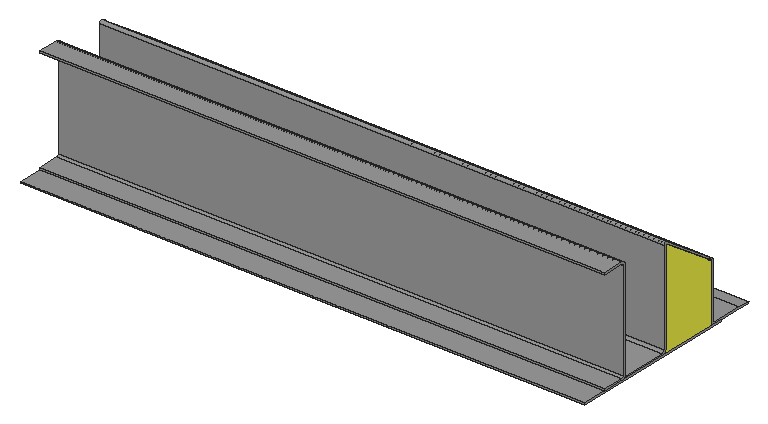
Revit family "HDK 130 215 WIL", category Generic Models, Revit 2014
Parameters (values of type "Max lintel length 2100mm")
  URL = "http://www.keystonelintels.co.uk"
  Structural Opening [instance] = 900 mm
  Structural Performance = "The Keystone lintel range has safe working loads as detailed in each applicable loading table in the Keystone Lintel Guide brochure. The structural performance figures within each table have been ascertained by testing in accordance with the requirements of standards BS EN 5977-2: 1983 and BS EN 845-2: 2003."
  RIBA Productor Selector = "available for Keystone Lintels Ltd from Keystone Lintels Ltd from ribaproductselector.com"
  Model = "HD/K 130 215 WIL"
  Min Length = 600 mm
  Min Clear Span = 300 mm
  Max Length = 2100 mm
  Max Clear Span = 2100 mm
  Material - Stainless Steel = "Grade 304 2b 1.4307 to BS EN 10088-2. Other grades available on request: contact manufacturer."
  Material - Galvanised Steel = "To BS EN 10346: 2009. DX51D plus Z600 or grade Z275 to BS 5977-2: 1983 (BS EN 845-2: 2003)."
  Manufacturer = "Keystone"
  Manufactured Length [instance] = (roundup(Effective Length / 150 mm) * 150 mm)  # 1200 mm
  Lintel height [instance] = 2100 mm
  Keynote = "F30/755"
  Fire Performance = "Keystone lintels have been subjected to a fire test (WARRES No. 101263) in accordance with BS 476-20: 1987, at Exova Warrington Fire and achieved a one hour fire performance."
  End Bearing = 150 mm
  Effective Length [instance] = Clear Opening with MIN MAX set + End Bearing * 2  # 1200 mm
  Corrosion = "Keystone’s standard range of lintels are manufactured from high quality grade pre-galvanized carbon steel with a zinc coating of 600"
  Contact Tel = "+44 (0)28 8676 2184"
  Contact Email = "info@keystonelintels.co.uk"
  Clear Opening with MIN MAX set [instance] = if(Structural Opening < Min Clear Span, Min Clear Span, (if(Structural Opening > Max Clear Span, Max Clear Span, Structural Opening)))  # 900 mm
  CPD Information = "Available for Keystone Lintels Ltd from ribacpd.com"
Reference planes
  plane 1 "Center (Front/Back)": y = 0
  plane 2: z = 0
  plane 3 "Center (Left/Right)": x = 0
  plane 4: x = -600
  plane 5: x = 600
  plane 6: z = 2100
  plane 7: x = -450
  plane 8: x = 450
Forms (mm)
  Extrusion 1, solid, material "Steel"
    sketch origin (0, 658.339, -499.341) x (0, 1, 0) y (0, 0, 1)
      loop
        line (-500.595, 2598.492) -> (-500.486, 2601.69) -> (-525.486, 2602.541) -> (-590.486, 2602.541)
        arc (-590.486, 2602.541) -> (-594.022, 2604.006) -> (-595.486, 2607.541) r 5
        line (-595.486, 2607.541) -> (-595.486, 2723.833)
        arc (-595.486, 2723.833) -> (-596.074, 2726.234) -> (-597.704, 2728.092) r 5.2
        line (-597.704, 2728.092) -> (-715.304, 2810.437)
        arc (-715.304, 2810.437) -> (-720.687, 2810.789) -> (-723.486, 2806.177) r 5.2
        line (-723.486, 2806.177) -> (-723.486, 2607.541)
        arc (-723.486, 2607.541) -> (-724.951, 2604.006) -> (-728.486, 2602.541) r 5
        line (-728.486, 2602.541) -> (-823.486, 2602.541) -> (-823.486, 2599.341) -> (-728.486, 2599.341)
        arc (-728.486, 2599.341) -> (-722.688, 2601.743) -> (-720.286, 2607.541) r 8.2
        line (-720.286, 2607.541) -> (-720.286, 2806.177)
        arc (-720.286, 2806.177) -> (-719.21, 2807.951) -> (-717.139, 2807.815) r 2
        line (-717.139, 2807.815) -> (-599.539, 2725.471)
        arc (-599.539, 2725.471) -> (-598.912, 2724.756) -> (-598.686, 2723.833) r 2
        line (-598.686, 2723.833) -> (-598.686, 2607.541)
        arc (-598.686, 2607.541) -> (-596.284, 2601.743) -> (-590.486, 2599.341) r 8.2
        line (-590.486, 2599.341) -> (-525.541, 2599.341) -> (-500.595, 2598.492)
    from -600 to 600
  Extrusion 2, solid, material "Steel"
    sketch origin (0, 658.339, -499.341) x (0, 1, 0) y (0, 0, 1)
      loop
        line (-836.386, 2824.341) -> (-881.686, 2824.341) -> (-881.686, 2821.141) -> (-836.386, 2821.141)
        arc (-836.386, 2821.141) -> (-833.063, 2819.764) -> (-831.686, 2816.441) r 4.7
        line (-831.686, 2816.441) -> (-831.686, 2606.341)
        arc (-831.686, 2606.341) -> (-832.799, 2603.654) -> (-835.486, 2602.541) r 3.8
        line (-835.486, 2602.541) -> (-881.686, 2602.541) -> (-881.686, 2599.341) -> (-835.486, 2599.341)
        arc (-835.486, 2599.341) -> (-830.536, 2601.391) -> (-828.486, 2606.341) r 7
        line (-828.486, 2606.341) -> (-828.486, 2816.441)
        arc (-828.486, 2816.441) -> (-830.8, 2822.027) -> (-836.386, 2824.341) r 7.9
    from -600 to 600
  Extrusion 3, solid, material "Steel"
    sketch origin (0, 658.139, -499.341) x (0, 1, 0) y (0, 0, 1)
      loop
        line (-933.486, 2596.141) -> (-573.486, 2596.141) -> (-573.486, 2599.341) -> (-933.486, 2599.341) -> (-933.486, 2596.141)
    from -600 to 600
  Extrusion 4, solid, material "Insulation"
    sketch origin (0, 658.339, -499.341) x (0, 1, 0) y (0, 0, 1)
      loop
        arc (-590.486, 2599.341) -> (-596.284, 2601.743) -> (-598.686, 2607.541) r 8.2
        line (-598.686, 2607.541) -> (-598.686, 2723.833)
        arc (-598.686, 2723.833) -> (-598.912, 2724.756) -> (-599.539, 2725.471) r 2
        line (-599.539, 2725.471) -> (-717.139, 2807.815)
        arc (-717.139, 2807.815) -> (-719.21, 2807.951) -> (-720.286, 2806.177) r 2
        line (-720.286, 2806.177) -> (-720.286, 2607.541)
        arc (-720.286, 2607.541) -> (-722.688, 2601.743) -> (-728.486, 2599.341) r 8.2
        line (-728.486, 2599.341) -> (-590.486, 2599.341)
    from -600 to 600
  Extrusion 5, solid, not visible
    sketch origin (0, 930.522, 1237.613) x (0, 1, 0) y (0, 0, 1)
      loop
        line (-500.595, 998.492) -> (-500.486, 1001.69) -> (-525.486, 1002.541) -> (-590.486, 1002.541)
        arc (-590.486, 1002.541) -> (-594.022, 1004.006) -> (-595.486, 1007.541) r 5
        line (-595.486, 1007.541) -> (-595.486, 1123.833)
        arc (-595.486, 1123.833) -> (-596.074, 1126.234) -> (-597.704, 1128.092) r 5.2
        line (-597.704, 1128.092) -> (-715.304, 1210.437)
        arc (-715.304, 1210.437) -> (-720.687, 1210.789) -> (-723.486, 1206.177) r 5.2
        line (-723.486, 1206.177) -> (-723.486, 1007.541)
        arc (-723.486, 1007.541) -> (-724.951, 1004.006) -> (-728.486, 1002.541) r 5
        line (-728.486, 1002.541) -> (-823.486, 1002.541) -> (-823.486, 999.341) -> (-728.486, 999.341)
        arc (-728.486, 999.341) -> (-722.688, 1001.743) -> (-720.286, 1007.541) r 8.2
        line (-720.286, 1007.541) -> (-720.286, 1206.177)
        arc (-720.286, 1206.177) -> (-719.21, 1207.951) -> (-717.139, 1207.815) r 2
        line (-717.139, 1207.815) -> (-599.539, 1125.471)
        arc (-599.539, 1125.471) -> (-598.912, 1124.756) -> (-598.686, 1123.833) r 2
        line (-598.686, 1123.833) -> (-598.686, 1007.541)
        arc (-598.686, 1007.541) -> (-596.284, 1001.743) -> (-590.486, 999.341) r 8.2
        line (-590.486, 999.341) -> (-525.541, 999.341) -> (-500.595, 998.492)
    from 0 to 250
  Extrusion 6, solid, not visible
    sketch origin (0, 675.047, 1296.708) x (0, 1, 0) y (0, 0, 1)
      loop
        line (-836.386, 1224.341) -> (-881.686, 1224.341) -> (-881.686, 1221.141) -> (-836.386, 1221.141)
        arc (-836.386, 1221.141) -> (-833.063, 1219.764) -> (-831.686, 1216.441) r 4.7
        line (-831.686, 1216.441) -> (-831.686, 1006.341)
        arc (-831.686, 1006.341) -> (-832.799, 1003.654) -> (-835.486, 1002.541) r 3.8
        line (-835.486, 1002.541) -> (-881.686, 1002.541) -> (-881.686, 999.341) -> (-835.486, 999.341)
        arc (-835.486, 999.341) -> (-830.536, 1001.391) -> (-828.486, 1006.341) r 7
        line (-828.486, 1006.341) -> (-828.486, 1216.441)
        arc (-828.486, 1216.441) -> (-830.8, 1222.027) -> (-836.386, 1224.341) r 7.9
    from 0 to 250
  Extrusion 7, solid, not visible
    sketch origin (0, 1166.933, 987.888) x (0, 1, 0) y (0, 0, 1)
      loop
        line (-933.486, 996.141) -> (-573.486, 996.141) -> (-573.486, 999.341) -> (-933.486, 999.341) -> (-933.486, 996.141)
    from 0 to 250
  Extrusion 8, solid, not visible
    sketch origin (0, 484.31, 866.057) x (0, 1, 0) y (0, 0, 1)
      loop
        arc (-590.486, 999.341) -> (-596.284, 1001.743) -> (-598.686, 1007.541) r 8.2
        line (-598.686, 1007.541) -> (-598.686, 1123.833)
        arc (-598.686, 1123.833) -> (-598.912, 1124.756) -> (-599.539, 1125.471) r 2
        line (-599.539, 1125.471) -> (-717.139, 1207.815)
        arc (-717.139, 1207.815) -> (-719.21, 1207.951) -> (-720.286, 1206.177) r 2
        line (-720.286, 1206.177) -> (-720.286, 1007.541)
        arc (-720.286, 1007.541) -> (-722.688, 1001.743) -> (-728.486, 999.341) r 8.2
        line (-728.486, 999.341) -> (-590.486, 999.341)
    from 0 to 250
Lines and regions (mm)
  model lines
    curve 1: line (0, -165.147, 2100) -> (0, -177.147, 2100)
Dimensions and locks
  equal spacing: plane 4, plane 3 "Center (Left/Right)", plane 5
  "Manufactured Length": plane 4 to plane 5
  "Lintel height": plane 6 to level
  "Structural Opening": plane 7 to plane 8
  equal spacing: plane 7, plane 3 "Center (Left/Right)", plane 8
  aligned and locked: level to plane 2
  aligned and locked: Extrusion 1 to plane 6
  aligned and locked: Extrusion 4 to plane 6
  aligned and locked: Extrusion 2 to plane 6
  aligned and locked: plane 6 to Extrusion 3
  aligned and locked: plane 5 to Extrusion 3
  aligned and locked: Extrusion 3 to plane 4
  aligned and locked: plane 5 to Extrusion 2
  aligned and locked: Extrusion 2 to plane 4
  aligned and locked: plane 5 to Extrusion 1
  aligned and locked: Extrusion 1 to plane 4
  aligned and locked: plane 5 to Extrusion 4
  aligned and locked: Extrusion 4 to plane 4
Automatic sketch dimensions
  Extrusion 1 sketch curve to Extrusion 1 sketch curve = 64.946 mm
  Extrusion 1 sketch curve to Extrusion 1 sketch curve = 24.946 mm
  Extrusion 1 sketch curve to Extrusion 1 sketch curve = 0.849 mm
  Extrusion 1 sketch curve to Extrusion 1 sketch curve = 0.109 mm
  Extrusion 1 sketch curve to Extrusion 1 sketch curve = 0.054 mm
  Extrusion 1 sketch curve to Extrusion 1 sketch curve = 5 mm  (x2)
  Extrusion 1 sketch curve to Extrusion 1 sketch curve = 0 mm  (x17)
  Extrusion 1 sketch curve to Extrusion 1 sketch curve = 116.291 mm
  Extrusion 1 sketch curve to Extrusion 1 sketch curve = 2 mm
  Extrusion 1 sketch curve to Extrusion 1 sketch curve = 0.853 mm
  Extrusion 1 sketch curve to Extrusion 1 sketch curve = 117.6 mm
  Extrusion 1 sketch curve to Extrusion 1 sketch curve = 82.344 mm
  Extrusion 1 sketch curve to Extrusion 1 sketch curve = 1.835 mm  (x2)
  Extrusion 1 sketch curve to Extrusion 1 sketch curve = 2.621 mm
  Extrusion 1 sketch curve to Extrusion 1 sketch curve = 1.147 mm
  Extrusion 1 sketch curve to Extrusion 1 sketch curve = 1.638 mm
  Extrusion 1 sketch curve to Extrusion 1 sketch curve = 95 mm
  Extrusion 2 sketch curve to Extrusion 2 sketch curve = 45.3 mm
  Extrusion 2 sketch curve to Extrusion 2 sketch curve = 3.2 mm
  Extrusion 2 sketch curve to Extrusion 2 sketch curve = 4.7 mm
  Extrusion 2 sketch curve to Extrusion 2 sketch curve = 0 mm  (x8)
  Extrusion 2 sketch curve to Extrusion 2 sketch curve = 210.1 mm
  Extrusion 2 sketch curve to Extrusion 2 sketch curve = 3.8 mm
  Extrusion 2 sketch curve to Extrusion 2 sketch curve = 46.2 mm
  Extrusion 3 sketch curve to Extrusion 3 sketch curve = 3.2 mm
  Extrusion 3 sketch curve to Extrusion 3 sketch curve = 360 mm
  Extrusion 4 sketch curve to Extrusion 4 sketch curve = 8.2 mm  (x3)
  Extrusion 4 sketch curve to Extrusion 4 sketch curve = 129.8 mm  (x2)
  Extrusion 4 sketch curve to Extrusion 4 sketch curve = 0 mm  (x2)
  Extrusion 4 sketch curve to Extrusion 4 sketch curve = 116.291 mm
  Extrusion 4 sketch curve to Extrusion 4 sketch curve = 82.344 mm
  Extrusion 4 sketch curve to Extrusion 4 sketch curve = 2 mm
  Extrusion 4 sketch curve to Extrusion 4 sketch curve = 0.853 mm
  Extrusion 4 sketch curve to Extrusion 4 sketch curve = 3.147 mm
  Extrusion 4 sketch curve to Extrusion 4 sketch curve = 1.638 mm
  Extrusion 5 sketch curve to Extrusion 5 sketch curve = 64.946 mm
  Extrusion 5 sketch curve to Extrusion 5 sketch curve = 24.946 mm
  Extrusion 5 sketch curve to Extrusion 5 sketch curve = 0.849 mm
  Extrusion 5 sketch curve to Extrusion 5 sketch curve = 0.109 mm
  Extrusion 5 sketch curve to Extrusion 5 sketch curve = 0.054 mm
  Extrusion 5 sketch curve to Extrusion 5 sketch curve = 5 mm  (x2)
  Extrusion 5 sketch curve to Extrusion 5 sketch curve = 0 mm  (x17)
  Extrusion 5 sketch curve to Extrusion 5 sketch curve = 116.291 mm
  Extrusion 5 sketch curve to Extrusion 5 sketch curve = 2 mm
  Extrusion 5 sketch curve to Extrusion 5 sketch curve = 0.853 mm
  Extrusion 5 sketch curve to Extrusion 5 sketch curve = 117.6 mm
  Extrusion 5 sketch curve to Extrusion 5 sketch curve = 82.344 mm
  Extrusion 5 sketch curve to Extrusion 5 sketch curve = 1.835 mm  (x2)
  Extrusion 5 sketch curve to Extrusion 5 sketch curve = 2.621 mm
  Extrusion 5 sketch curve to Extrusion 5 sketch curve = 1.147 mm
  Extrusion 5 sketch curve to Extrusion 5 sketch curve = 1.638 mm
  Extrusion 5 sketch curve to Extrusion 5 sketch curve = 95 mm
  Extrusion 6 sketch curve to Extrusion 6 sketch curve = 45.3 mm
  Extrusion 6 sketch curve to Extrusion 6 sketch curve = 3.2 mm
  Extrusion 6 sketch curve to Extrusion 6 sketch curve = 4.7 mm
  Extrusion 6 sketch curve to Extrusion 6 sketch curve = 0 mm  (x8)
  Extrusion 6 sketch curve to Extrusion 6 sketch curve = 210.1 mm
  Extrusion 6 sketch curve to Extrusion 6 sketch curve = 3.8 mm
  Extrusion 6 sketch curve to Extrusion 6 sketch curve = 46.2 mm
  Extrusion 7 sketch curve to Extrusion 7 sketch curve = 3.2 mm
  Extrusion 7 sketch curve to Extrusion 7 sketch curve = 360 mm
  Extrusion 8 sketch curve to Extrusion 8 sketch curve = 8.2 mm  (x3)
  Extrusion 8 sketch curve to Extrusion 8 sketch curve = 129.8 mm  (x2)
  Extrusion 8 sketch curve to Extrusion 8 sketch curve = 0 mm  (x2)
  Extrusion 8 sketch curve to Extrusion 8 sketch curve = 116.291 mm
  Extrusion 8 sketch curve to Extrusion 8 sketch curve = 82.344 mm
  Extrusion 8 sketch curve to Extrusion 8 sketch curve = 2 mm
  Extrusion 8 sketch curve to Extrusion 8 sketch curve = 0.853 mm
  Extrusion 8 sketch curve to Extrusion 8 sketch curve = 3.147 mm
  Extrusion 8 sketch curve to Extrusion 8 sketch curve = 1.638 mm
  curve 1 to plane 6 = 0 mm
  curve 1 to curve 1 = 12 mm
  plane 1 "Center (Front/Back)" to curve 1 = 177.147 mm
  Extrusion 2 sketch curve to plane 6 = 0 mm
  plane 1 "Center (Front/Back)" to Extrusion 2 sketch curve = 223.347 mm
  Extrusion 4 sketch curve to plane 6 = 0 mm
  plane 1 "Center (Front/Back)" to Extrusion 4 sketch curve = 70.147 mm
  Extrusion 3 sketch curve to plane 6 = 0 mm
  plane 1 "Center (Front/Back)" to Extrusion 3 sketch curve = 275.347 mm
  Extrusion 1 sketch curve to plane 6 = 0 mm
  plane 1 "Center (Front/Back)" to Extrusion 1 sketch curve = 165.147 mm
